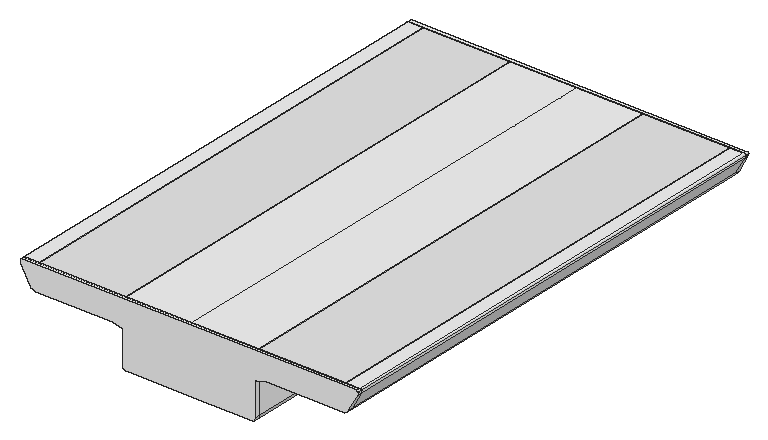
Revit family "Lighting-Higbay-Current-PHB", category Lighting Fixtures, host Face, Revit 2019
Family settings
  Host = Face
  Round Connector Dimension = Use Diameter
  Part Type = Normal
  OmniClass Number = 23.80.70.11
  OmniClass Title = Luminaries for Internal Lighting
  Cut with Voids When Loaded = No
  Light Source = Yes
  Shared = No
  Room Calculation Point = No
Parameters (values of type "Not a Type-Load Type Catalog")
  Width = 9.857"
  Wattage Comments = "10-65W"  # constant formula
  Wattage = 96.6 W
  built-in parameter 1150110 = 1 (stored number, unit not read)
  Voltage Comments = "120-277V"  # constant formula
  Voltage = 120 V
  Version = ""
  URL = "https://www.led.com/brands/albeo"
  Type Comments = "Light Fixture"  # constant formula
  built-in parameter 1114217 = 1 (stored number, unit not read)
  Tilt Angle = -90.00°
  built-in parameter 1150109 = 1 (stored number, unit not read)
  built-in parameter 1150134 = 12
  built-in parameter 1150113 = 1 (stored number, unit not read)
  Product Page URL = "https://www.led.com/albeo-phb-linear-high-bay/373271"
  Product Documentation Link = "https://cdn.currentlighting.com/site/specsheet/ALB_PHB_Spec.pdf"
  Power Factor = 0.9
  Photometry Note = "Please load ies file listed under Photometric Web File for accurate rendering."  # constant formula
  Photometric Web File = "PHB12X08MDQVSTKQW_27000lm_4000K.ies"
  Mounting = "Please Refer to the Product Spec Sheet for Mounting options"  # constant formula
  Model = "PHB"  # constant formula
  Manufacturer = "Current Lighting"  # constant formula
  built-in parameter 1150105 = 1237.6 (stored number, unit not read)
  Lumens = 15552.6 lm
  built-in parameter 1150115 = 1 (stored number, unit not read)
  Load Classification = Lighting
  built-in parameter 1150137 = (empty or 0)
  built-in parameter 1150139 = (empty or 0)
  Length = 14.200"
  built-in parameter 1150112 = 1 (stored number, unit not read)
  built-in parameter 1150114 = 1 (stored number, unit not read)
  Lamp = "LED"  # constant formula
  Keynote = ""
  built-in parameter 1150132 = (empty or 0)
  built-in parameter 1150102 = (empty or 0)
  built-in parameter 1150107 = 4000 (stored number, unit not read)
  built-in parameter 1150138 = (empty or 0)
  built-in parameter 1150106 = 12.376 (stored number, unit not read)
  Housing Material = Paint - Current - White
  Features = "Designed to provide numerous configurations in each stocked SKU\r\nAvailable in two sizes for up to 36,000 lumens\r\nSelectable Lumens and CCT\r\nAll fixtures come sensor-ready for field plug-and-play\r\nOptional remote available for additional functionality\r\nOptional factory installed emergency battery backup"  # constant formula
  Emit from Rectangle Width = Length - 0.500"  # 13.700"
  Emit from Rectangle Length = Width - 1.000"  # 8.857"
  Emit Shape Visible in Rendering = no
  built-in parameter 1150104 = 14.957 (stored number, unit not read)
  Dimming Lamp Color Temperature Shift = (empty or 0)
  Dimmimng Protocol = "0-10V"  # constant formula
  Diffuser Material = Diffuser - Current - White
  Description = "The PHB linear high bay offers 120-347V, selectable lumen and CCT and a field-installable sensor as well as other accessories for maximum flexibility."  # constant formula
  Depth = 1.857"
  Default Elevation = 48.000"
  Copyright = "© 2022 Current Lighting Solutions, LLC."  # constant formula
  Controller = "Please Refer to the Product Spec Sheet for Controller options"  # constant formula
  Color Rendering Index = "80"
  Color Filter = 16777215
  built-in parameter 1114218 = 1 (stored number, unit not read)
  built-in parameter 1150133 = 10 (stored number, unit not read)
  Assembly Code = "D5020200"
  Apparent Load = Wattage  # 96.6 W
Reference planes (in)
  plane 1 "Center (Front/Back)": y = 0
  plane 2: z = 0
  plane 3 "Center (Left/Right)": x = 0
  plane 4: y = 7.1
  plane 5: y = -7.1
  plane 6: x = 4.9285
  plane 7: x = -4.9285
  plane 8: z = 1.857
  plane 9: y = 7
  plane 10: y = -7
Forms (in)
  Extrusion 1, solid, material "Paint - Current - White" <- "Housing Material"
    sketch origin (0, 0, 0) x (1, 0, 0) y (0, 0, 1)
      loop
        line (-4.9285, 1.80777) -> (-4.9285, 1.74672) -> (-4.65675, 1.25647)
        arc (-4.65675, 1.25647) -> (-4.577, 1.1746) -> (-4.46673, 1.14454) r 0.21725
        line (-4.46673, 1.14454) -> (-2.24643, 1.14454) -> (-1.93774, 1.06183) -> (-1.93774, 0.10039)
        arc (-1.93774, 0.10039) -> (-1.90834, 0.0294) -> (-1.83735, 0) r 0.10039
        line (-1.83735, 0) -> (-0.004, 0) -> (1.83735, 0)
        arc (1.83735, 0) -> (1.90834, 0.0294) -> (1.93774, 0.10039) r 0.10039
        line (1.93774, 0.10039) -> (1.93774, 1.06183) -> (2.24643, 1.14454) -> (4.46673, 1.14454)
        arc (4.46673, 1.14454) -> (4.577, 1.1746) -> (4.65675, 1.25647) r 0.21725
        line (4.65675, 1.25647) -> (4.9285, 1.74672) -> (4.9285, 1.80777)
        arc (4.9285, 1.80777) -> (4.91408, 1.84258) -> (4.87927, 1.857) r 0.04923
        line (4.87927, 1.857) -> (4.46739, 1.857) -> (4.46739, 1.757) -> (1.93774, 1.757) -> (1.93774, 1.857) -> (0, 1.857) -> (-1.93774, 1.857) -> (-1.93774, 1.757) -> (-4.46739, 1.757) -> (-4.46739, 1.857) -> (-4.87927, 1.857)
        arc (-4.87927, 1.857) -> (-4.91408, 1.84258) -> (-4.9285, 1.80777) r 0.04923
    from -7 to 7
  Extrusion 2, solid, material "Diffuser - Current - White" <- "Diffuser Material"
    sketch origin (0, 0, 0) x (1, 0, 0) y (0, 0, 1)
      loop
        line (-4.46739, 1.757) -> (-1.93774, 1.757) -> (-1.93774, 1.857) -> (-4.46739, 1.857) -> (-4.46739, 1.757)
      loop
        line (4.46739, 1.757) -> (4.46739, 1.857) -> (1.93774, 1.857) -> (1.93774, 1.757) -> (4.46739, 1.757)
    from -7 to 7
  Extrusion 3, solid, material "Paint - Current - White" <- "Housing Material"
    sketch origin (0, 0, 0) x (1, 0, 0) y (0, 0, 1)
      loop
        arc (4.46673, 1.14454) -> (4.577, 1.1746) -> (4.65675, 1.25647) r 0.21725
        line (4.65675, 1.25647) -> (4.9285, 1.74672) -> (4.9285, 1.80777)
        arc (4.9285, 1.80777) -> (4.91408, 1.84258) -> (4.87927, 1.857) r 0.04923
        line (4.87927, 1.857) -> (-4.87927, 1.857)
        arc (-4.87927, 1.857) -> (-4.91408, 1.84258) -> (-4.9285, 1.80777) r 0.04923
        line (-4.9285, 1.80777) -> (-4.9285, 1.74672) -> (-4.65675, 1.25647)
        arc (-4.65675, 1.25647) -> (-4.577, 1.1746) -> (-4.46673, 1.14454) r 0.21725
        line (-4.46673, 1.14454) -> (-2.24643, 1.14454) -> (-1.93774, 1.06183) -> (-1.93774, 0.10039)
        arc (-1.93774, 0.10039) -> (-1.90834, 0.0294) -> (-1.83735, 0) r 0.10039
        line (-1.83735, 0) -> (-0.004, 0) -> (1.83735, 0)
        arc (1.83735, 0) -> (1.90834, 0.0294) -> (1.93774, 0.10039) r 0.10039
        line (1.93774, 0.10039) -> (1.93774, 1.06183) -> (2.24643, 1.14454) -> (4.46673, 1.14454)
    from 7 to 7.1
  Extrusion 4, solid, material "Paint - Current - White" <- "Housing Material"
    sketch origin (0, 0, 0) x (1, 0, 0) y (0, 0, -1)
      loop
        line (4.46673, -1.14454) -> (2.24643, -1.14454) -> (1.93774, -1.06183) -> (1.93774, -0.10039)
        arc (1.93774, -0.10039) -> (1.90834, -0.0294) -> (1.83735, 0) r 0.10039
        line (1.83735, 0) -> (-0.004, 0) -> (-1.83735, 0)
        arc (-1.83735, 0) -> (-1.90834, -0.0294) -> (-1.93774, -0.10039) r 0.10039
        line (-1.93774, -0.10039) -> (-1.93774, -1.06183) -> (-2.24643, -1.14454) -> (-4.46673, -1.14454)
        arc (-4.46673, -1.14454) -> (-4.577, -1.1746) -> (-4.65675, -1.25647) r 0.21725
        line (-4.65675, -1.25647) -> (-4.9285, -1.74672) -> (-4.9285, -1.80777)
        arc (-4.9285, -1.80777) -> (-4.91408, -1.84258) -> (-4.87927, -1.857) r 0.04923
        line (-4.87927, -1.857) -> (4.87927, -1.857)
        arc (4.87927, -1.857) -> (4.91408, -1.84258) -> (4.9285, -1.80777) r 0.04923
        line (4.9285, -1.80777) -> (4.9285, -1.74672) -> (4.65675, -1.25647)
        arc (4.65675, -1.25647) -> (4.577, -1.1746) -> (4.46673, -1.14454) r 0.21725
    from 7 to 7.1
Dimensions and locks (in)
  "Length": plane 5 to plane 4
  equal spacing: plane 5, plane 1 "Center (Front/Back)", plane 4
  equal spacing: plane 7, plane 3 "Center (Left/Right)", plane 6
  "Width": plane 7 to plane 6
  "Depth": plane 8 to plane 2
  locked: plane 5 to plane 10 at 0.1
  locked: plane 9 to plane 4 at 0.1
  aligned and locked: plane 2 to host face
  aligned and locked: level to host face
  aligned and locked: imposter light to plane 3 "Center (Left/Right)"
  aligned and locked: plane 1 "Center (Front/Back)" to imposter light
  aligned and locked: Extrusion 1 to plane 7
  aligned and locked: plane 6 to Extrusion 1
  aligned and locked: Extrusion 1 to plane 9
  aligned and locked: plane 10 to Extrusion 1
  aligned and locked: Extrusion 2 sketch curve to Extrusion 1  (x6)
  aligned and locked: Extrusion 1 to Extrusion 2 sketch curve
  aligned and locked: Extrusion 2 sketch curve to plane 8
  aligned and locked: Extrusion 1 to Extrusion 2  (x2)
  aligned and locked: Extrusion 3 sketch curve to Extrusion 1
  aligned and locked: Extrusion 3 to Extrusion 1
  aligned and locked: plane 5 to Extrusion 3
  aligned and locked: Extrusion 4 to Extrusion 1
  aligned and locked: Extrusion 4 to plane 4
  aligned and locked: host face to Extrusion 3 sketch curve
  aligned and locked: Extrusion 1 sketch curve to host face
  aligned and locked: host face to Extrusion 4 sketch curve
  aligned and locked: plane 8 to imposter light
Automatic sketch dimensions
  host sketch curve to host sketch curve = 96.000"  (x2)
  Extrusion 1 sketch curve to plane 7 = 0.000"
  Extrusion 1 sketch curve to plane 8 = 0.000"  (x3)
  Extrusion 1 sketch curve to plane 3 "Center (Left/Right)" = 0.000"
  Extrusion 1 sketch curve to plane 6 = 0.000"
  plane 7 to Extrusion 1 sketch curve = 0.04923"
  plane 7 to Extrusion 1 sketch curve = 0.27175"
  Extrusion 1 sketch curve to Extrusion 1 sketch curve = 0.41187"
  Extrusion 1 sketch curve to Extrusion 1 sketch curve = 0.19001"  (x2)
  Extrusion 1 sketch curve to plane 8 = 0.71246"  (x2)
  Extrusion 1 sketch curve to plane 3 "Center (Left/Right)" = 2.24643"
  Extrusion 1 sketch curve to Extrusion 1 sketch curve = 0.30868"  (x3)
  Extrusion 1 sketch curve to plane 8 = 0.100"  (x2)
  Extrusion 1 sketch curve to Extrusion 1 sketch curve = 0.10039"
  Extrusion 1 sketch curve to plane 3 "Center (Left/Right)" = 0.004"
  level to Extrusion 1 sketch curve = 0.10039"
  plane 3 "Center (Left/Right)" to Extrusion 1 sketch curve = 1.83735"
  Extrusion 1 sketch curve to plane 8 = 0.79517"
  Extrusion 1 sketch curve to Extrusion 1 sketch curve = 0.000"
  Extrusion 1 sketch curve to plane 6 = 0.46177"
  Extrusion 1 sketch curve to plane 6 = 0.46111"
  Extrusion 1 sketch curve to plane 6 = 0.04923"
  Extrusion 1 sketch curve to Extrusion 1 sketch curve = 0.08271"
  Extrusion 1 sketch curve to Extrusion 1 sketch curve = 0.11193"  (x2)
  Extrusion 1 sketch curve to Extrusion 1 sketch curve = 0.06104"  (x2)
  Extrusion 3 sketch curve to plane 7 = 0.000"
  Extrusion 3 sketch curve to plane 6 = 0.000"
  plane 7 to Extrusion 3 sketch curve = 0.04923"
  plane 7 to Extrusion 3 sketch curve = 0.27175"
  Extrusion 3 sketch curve to Extrusion 3 sketch curve = 0.19001"  (x2)
  Extrusion 3 sketch curve to plane 8 = 0.71246"
  Extrusion 3 sketch curve to plane 3 "Center (Left/Right)" = 2.24643"
  Extrusion 3 sketch curve to plane 8 = 0.79517"  (x2)
  Extrusion 3 sketch curve to Extrusion 3 sketch curve = 0.30868"  (x2)
  Extrusion 3 sketch curve to Extrusion 3 sketch curve = 0.10039"
  Extrusion 3 sketch curve to plane 3 "Center (Left/Right)" = 0.004"
  level to Extrusion 3 sketch curve = 0.10039"
  plane 3 "Center (Left/Right)" to Extrusion 3 sketch curve = 1.83735"
  Extrusion 3 sketch curve to plane 6 = 0.46177"
  Extrusion 3 sketch curve to Extrusion 3 sketch curve = 0.04923"
  Extrusion 3 sketch curve to Extrusion 3 sketch curve = 0.08271"
  Extrusion 3 sketch curve to Extrusion 3 sketch curve = 0.11193"  (x2)
  Extrusion 3 sketch curve to Extrusion 3 sketch curve = 0.06104"  (x2)
  Extrusion 4 sketch curve to plane 7 = 0.000"
  Extrusion 4 sketch curve to plane 8 = 0.000"
  Extrusion 4 sketch curve to plane 6 = 0.000"
  plane 7 to Extrusion 4 sketch curve = 0.04923"
  plane 7 to Extrusion 4 sketch curve = 0.27175"
  Extrusion 4 sketch curve to Extrusion 4 sketch curve = 0.19001"  (x2)
  Extrusion 4 sketch curve to plane 8 = 0.71246"
  Extrusion 4 sketch curve to plane 3 "Center (Left/Right)" = 2.24643"
  Extrusion 4 sketch curve to plane 8 = 0.79517"
  Extrusion 4 sketch curve to Extrusion 4 sketch curve = 0.30868"  (x2)
  Extrusion 4 sketch curve to Extrusion 4 sketch curve = 0.10039"
  Extrusion 4 sketch curve to plane 3 "Center (Left/Right)" = 0.004"
  level to Extrusion 4 sketch curve = 0.10039"
  plane 3 "Center (Left/Right)" to Extrusion 4 sketch curve = 1.83735"
  Extrusion 4 sketch curve to plane 6 = 0.46177"
  Extrusion 4 sketch curve to Extrusion 4 sketch curve = 0.04923"
  Extrusion 4 sketch curve to Extrusion 4 sketch curve = 0.06104"  (x2)
  Extrusion 4 sketch curve to plane 8 = 0.49521"
  Extrusion 4 sketch curve to Extrusion 4 sketch curve = 0.21725"
  Extrusion 4 sketch curve to Extrusion 4 sketch curve = 0.10533"
  Extrusion 4 sketch curve to Extrusion 4 sketch curve = 0.08271"
Connectors (in)
  electrical at (0.91668, 0, 0), driven by "Power Factor", driven by "Apparent Load", driven by "Voltage", driven by "Load Classification"
    settings: on Extrusion 1, index 1, voltage 120 V, apparent load 96.6 W, apparent load phase1 0 W, apparent load phase2 0 W, apparent load phase3 0 W, power factor 0.9, load classification "Lighting", number of poles 1, system type 30, power factor state 1, is connector primary yes, connector utility no, sub classification motor no, connector description "Light Fixture"
Types in the file's own list only (36): name | Width | Photometric Web File | Length | Emit from Rectangle Width | Emit from Rectangle Length | Depth | Default Elevation | Apparent Load
  PHB11X08MDQVSTKQW_15000lm_4000K | 9.857 " | "PHB11X08MDQVSTKQW_15000lm_4000K.ies" | 14.200 " | 13.700 " | 8.857 " | 1.857 " | 48.000 " | 97 W
  PHB11X08MDQVSTKQW_18000lm_4000K | 9.857 " | "PHB11X08MDQVSTKQW_18000lm_4000K.ies" | 14.200 " | 13.700 " | 8.857 " | 1.857 " | 48.000 " | 118 W
  PHB11X08MDQVSTKQW_24000lm_4000K | 9.857 " | "PHB11X08MDQVSTKQW_24000lm_4000K.ies" | 14.200 " | 13.700 " | 8.857 " | 1.857 " | 48.000 " | 160 W
  PHB11X08NDQVSTKQW_15000lm_4000K | 9.857 " | "PHB11X08NDQVSTKQW_15000lm_4000K.ies" | 14.200 " | 13.700 " | 8.857 " | 1.857 " | 48.000 " | 99 W
  PHB11X08NDQVSTKQW_18000lm_4000K | 9.857 " | "PHB11X08NDQVSTKQW_18000lm_4000K.ies" | 14.200 " | 13.700 " | 8.857 " | 1.857 " | 48.000 " | 114 W
  PHB11X08NDQVSTKQW_24000lm_4000K | 9.857 " | "PHB11X08NDQVSTKQW_24000lm_4000K.ies" | 14.200 " | 13.700 " | 8.857 " | 1.857 " | 48.000 " | 158 W
  PHB11X08WDQVSTKQW_15000lm_4000K | 9.857 " | "PHB11X08WDQVSTKQW_15000lm_4000K.ies" | 14.200 " | 13.700 " | 8.857 " | 1.857 " | 48.000 " | 99 W
  PHB11X08WDQVSTKQW_18000lm_4000K | 9.857 " | "PHB11X08WDQVSTKQW_18000lm_4000K.ies" | 14.200 " | 13.700 " | 8.857 " | 1.857 " | 48.000 " | 114 W
  PHB11X08WDQVSTKQW_24000lm_4000K | 9.857 " | "PHB11X08WDQVSTKQW_24000lm_4000K.ies" | 14.200 " | 13.700 " | 8.857 " | 1.857 " | 48.000 " | 158 W
  PHB12X08MDQVSTKQW_27000lm_4000K | 11.813 " | "PHB12X08MDQVSTKQW_27000lm_4000K.ies" | 19.750 " | 19.250 " | 10.813 " | 2.125 " | 48.000 " | 175 W
  PHB12X08MDQVSTKQW_30000lm_4000K | 11.813 " | "PHB12X08MDQVSTKQW_30000lm_4000K.ies" | 19.750 " | 19.250 " | 10.813 " | 2.125 " | 48.000 " | 196 W
  PHB12X08MDQVSTKQW_36000lm_4000K | 11.813 " | "PHB12X08MDQVSTKQW_36000lm_4000K.ies" | 19.750 " | 19.250 " | 10.813 " | 2.125 " | 48.000 " | 242 W
  PHB12X08NDQVSTKQW_27000lm_4000K | 11.813 " | "PHB12X08NDQVSTKQW_27000lm_4000K.ies" | 19.750 " | 19.250 " | 10.813 " | 2.125 " | 48.000 " | 176 W
  PHB12X08NDQVSTKQW_30000lm_4000K | 11.813 " | "PHB12X08NDQVSTKQW_30000lm_4000K.ies" | 19.750 " | 19.250 " | 10.813 " | 2.125 " | 48.000 " | 197 W
  PHB12X08NDQVSTKQW_36000lm_4000K | 11.813 " | "PHB12X08NDQVSTKQW_36000lm_4000K.ies" | 19.750 " | 19.250 " | 10.813 " | 2.125 " | 48.000 " | 244 W
  PHB12X08WDQVSTKQW_27000lm_4000K | 11.813 " | "PHB12X08WDQVSTKQW_27000lm_4000K.ies" | 19.750 " | 19.250 " | 10.813 " | 2.125 " | 48.000 " | 176 W
  PHB12X08WDQVSTKQW_30000lm_4000K | 11.813 " | "PHB12X08WDQVSTKQW_30000lm_4000K.ies" | 19.750 " | 19.250 " | 10.813 " | 2.125 " | 48.000 " | 197 W
  PHB12X08WDQVSTKQW_36000lm_4000K | 11.813 " | "PHB12X08WDQVSTKQW_36000lm_4000K.ies" | 19.750 " | 19.250 " | 10.813 " | 2.125 " | 48.000 " | 244 W
  PHB11X08MDQVSTKQW_15000lm_5000K | 9.857 " | "PHB11X08MDQVSTKQW_15000lm_5000K.ies" | 14.200 " | 13.700 " | 8.857 " | 1.857 " | 48.000 " | 99 W
  PHB11X08MDQVSTKQW_18000lm_5000K | 9.857 " | "PHB11X08MDQVSTKQW_18000lm_5000K.ies" | 14.200 " | 13.700 " | 8.857 " | 1.857 " | 48.000 " | 121 W
  PHB11X08MDQVSTKQW_24000lm_5000K | 9.857 " | "PHB11X08MDQVSTKQW_24000lm_5000K.ies" | 14.200 " | 13.700 " | 8.857 " | 1.857 " | 48.000 " | 163 W
  PHB11X08NDQVSTKQW_15000lm_5000K | 9.857 " | "PHB11X08NDQVSTKQW_15000lm_5000K.ies" | 14.200 " | 13.700 " | 8.857 " | 1.857 " | 48.000 " | 100 W
  PHB11X08NDQVSTKQW_18000lm_5000K | 9.857 " | "PHB11X08NDQVSTKQW_18000lm_5000K.ies" | 14.200 " | 13.700 " | 8.857 " | 1.857 " | 48.000 " | 115 W
  PHB11X08NDQVSTKQW_24000lm_5000K | 9.857 " | "PHB11X08NDQVSTKQW_24000lm_5000K.ies" | 14.200 " | 13.700 " | 8.857 " | 1.857 " | 48.000 " | 160 W
  PHB11X08WDQVSTKQW_15000lm_5000K | 9.857 " | "PHB11X08WDQVSTKQW_15000lm_5000K.ies" | 14.200 " | 13.700 " | 8.857 " | 1.857 " | 48.000 " | 101 W
  PHB11X08WDQVSTKQW_18000lm_5000K | 9.857 " | "PHB11X08WDQVSTKQW_18000lm_5000K.ies" | 14.200 " | 13.700 " | 8.857 " | 1.857 " | 48.000 " | 116 W
  PHB11X08WDQVSTKQW_24000lm_5000K | 9.857 " | "PHB11X08WDQVSTKQW_24000lm_5000K.ies" | 14.200 " | 13.700 " | 8.857 " | 1.857 " | 48.000 " | 160 W
  PHB12X08MDQVSTKQW_27000lm_5000K | 11.813 " | "PHB12X08MDQVSTKQW_27000lm_5000K.ies" | 19.750 " | 19.250 " | 10.813 " | 2.125 " | 48.000 " | 178 W
  PHB12X08MDQVSTKQW_30000lm_5000K | 11.813 " | "PHB12X08MDQVSTKQW_30000lm_5000K.ies" | 19.750 " | 19.250 " | 10.813 " | 2.125 " | 48.000 " | 201 W
  PHB12X08MDQVSTKQW_36000lm_5000K | 11.813 " | "PHB12X08MDQVSTKQW_36000lm_5000K.ies" | 19.750 " | 19.250 " | 10.813 " | 2.125 " | 48.000 " | 248 W
  PHB12X08NDQVSTKQW_27000lm_5000K | 11.813 " | "PHB12X08NDQVSTKQW_27000lm_5000K.ies" | 19.750 " | 19.250 " | 10.813 " | 2.125 " | 48.000 " | 180 W
  PHB12X08NDQVSTKQW_30000lm_5000K | 11.813 " | "PHB12X08NDQVSTKQW_30000lm_5000K.ies" | 19.750 " | 19.250 " | 10.813 " | 2.125 " | 48.000 " | 202 W
  PHB12X08NDQVSTKQW_36000lm_5000K | 11.813 " | "PHB12X08NDQVSTKQW_36000lm_5000K.ies" | 19.750 " | 19.250 " | 10.813 " | 2.125 " | 48.000 " | 248 W
  PHB12X08WDQVSTKQW_27000lm_5000K | 11.813 " | "PHB12X08WDQVSTKQW_27000lm_5000K.ies" | 19.750 " | 19.250 " | 10.813 " | 2.125 " | 48.000 " | 181 W
  PHB12X08WDQVSTKQW_30000lm_5000K | 11.813 " | "PHB12X08WDQVSTKQW_30000lm_5000K.ies" | 19.750 " | 19.250 " | 10.813 " | 2.125 " | 48.000 " | 202 W
  PHB12X08WDQVSTKQW_36000lm_5000K | 11.813 " | "PHB12X08WDQVSTKQW_36000lm_5000K.ies" | 19.750 " | 19.250 " | 10.813 " | 2.125 " | 48.000 " | 250 W
